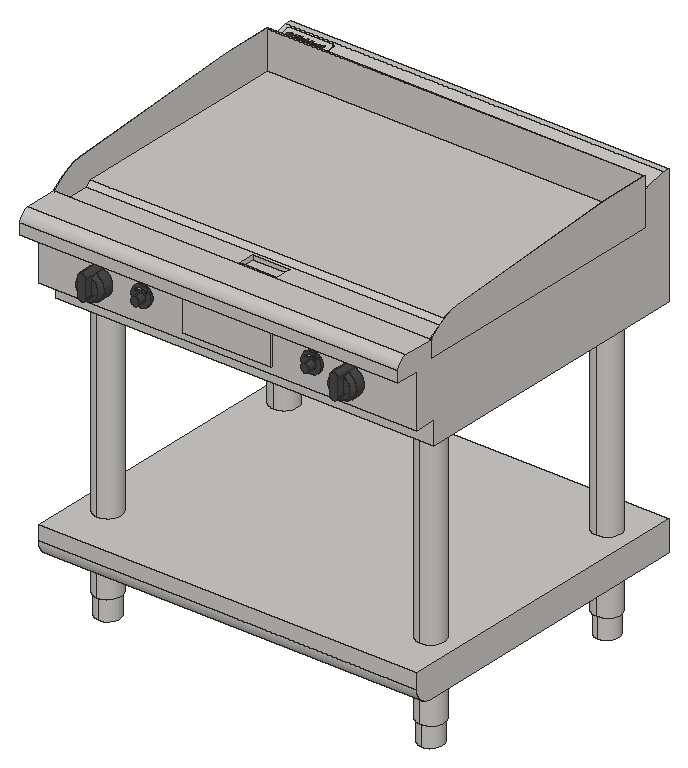
Revit family "QF_MOFFAT WALDORF_GPL8900G-LS", category Specialty Equipment, Revit 2012
Parameters
  Weight in Pounds = 346.1253  # constant formula
  Width [instance] = 900.00 mm  # constant formula
  URL Cutsheet = "www.moffat.com"
  URL = "www.moffat.com"
  Type Mark [instance] = ""
  Status [instance] = ""
  Specification by User [instance] = ""
  Specification by Manufacturer = ""
  Show Logo [instance] = yes
  Show Casters [instance] = no
  Serial Number = ""
  Seismic Rating = ""
  SMACNA No = ""
  Revision Code [instance] = ""
  Omniclass Number and Title = ""
  NAFEM Spec ID Number = ""
  Model = "GPL8900G-LS"
  Mechanical Remarks = ""
  Mechanical Connection Type = ""
  Masterspec = ""
  Manufacturer = "MOFFAT WALDORF"
  Legs [instance] = not(Show Casters)  # yes
  Item Number [instance] = ""
  Installed By [instance] = ""
  Identify Quantity as Lot [instance] = yes
  Height = 970.00 mm  # constant formula
  Gas Size = 3/4"
  Gas RI Height = 0.00 mm
  Gas KW = 22.2
  Gas Input = 75825.0 Btu/h
  Gas Connection Height = 0.00 mm
  Furnished By [instance] = ""
  Foodservice Equipment Identifier [instance] = yes
  Description = "GRIDDLE PLATE LOW SPLASHBACK GAS ON LEG STAND"
  Depth [instance] = 805.00 mm  # constant formula
  CSI MasterFormat = ""
  CSI Master Format = ""
  Back Splash [instance] = 215.00 mm  # constant formula
Reference planes
  plane 1 "BACK": y = 0
  plane 2: z = 0
  plane 3 "LEFT": x = 0
  plane 4 "RIGHT": x = 900
  plane 5 "FRONT": y = -805
  plane 6 "TOP": z = 970
  plane 7 "Center Y": x = 450
  plane 8 "Center X": y = -402.5
  plane 9 "Base Height": z = 150
  plane 10: z = 915
  plane 11: x = 65
  plane 12: x = 834
  plane 13: y = -625
  plane 14: y = -100
  plane 15: x = 770
  plane 16: z = 655
  plane 17: y = -32
Forms (mm)
  Extrusion 1, solid, material "QF_Finishes_Stainless Steel"
    sketch origin (0, 0, 0) x (0, 1, 0) y (0, 0, 1)
      loop
        line (0, 222.5) -> (-749, 222.5) -> (-749, 188)
        arc (-749, 188) -> (-737.87, 161.13) -> (-711, 150) r 38
        line (-711, 150) -> (0, 150) -> (0, 222.5)
      loop
        line (-805, 891) -> (-805, 866) -> (-749, 866) -> (-749, 740) -> (-699, 740) -> (-699, 685) -> (0, 685) -> (0, 970) -> (-15, 970) -> (-61.106, 957.646)
        arc (-61.106, 957.646) -> (-67.52, 953.36) -> (-70, 946.055) r 12
        line (-70, 946.055) -> (-70, 875) -> (-705, 875) -> (-705, 915) -> (-781, 915)
        arc (-781, 915) -> (-797.971, 907.971) -> (-805, 891) r 24
    from 0 to 900
  Extrusion 2, solid, material "QF_Finishes_Stainless Steel"
    sketch origin (0, -699, 222.5) x (0, -1, 0) y (1, 0, 0)
      loop
        circle (-599, 65) r 31.75
      loop
        circle (-599, 834) r 31.75
      loop
        circle (-74, 65) r 31.75
      loop
        circle (-74, 834) r 31.75
    from 0 to 462.5
  Revolve 3, solid, material "QF_Finishes_Stainless Steel", visible <- "Legs"
    sketch origin (834, -210, 0) x (0, 1, 0) y (0, 0, -1)
      loop
        line (78.25, -150) -> (110, -150) -> (110, 0) -> (82.5, 0) -> (82.5, -50) -> (78.25, -50) -> (78.25, -150)
      axis (110, -150) -> (110, 0)
    angle from 0 to 360
  Revolve 4, solid, material "QF_Finishes_Stainless Steel"
    sketch origin (834, -735, 0) x (0, 1, 0) y (0, 0, -1)
      loop
        line (78.25, -150) -> (110, -150) -> (110, 0) -> (82.5, 0) -> (82.5, -50) -> (78.25, -50) -> (78.25, -150)
      axis (110, -150) -> (110, 0)
    angle from 0 to 360
  Revolve 5, solid, material "QF_Finishes_Stainless Steel", visible <- "Legs"
    sketch origin (65, -210, 0) x (0, 1, 0) y (0, 0, -1)
      loop
        line (78.25, -150) -> (110, -150) -> (110, 0) -> (82.5, 0) -> (82.5, -50) -> (78.25, -50) -> (78.25, -150)
      axis (110, -150) -> (110, 0)
    angle from 0 to 360
  Revolve 6, solid, material "QF_Finishes_Stainless Steel"
    sketch origin (65, -735, 0) x (0, 1, 0) y (0, 0, -1)
      loop
        line (78.25, -150) -> (110, -150) -> (110, 0) -> (82.5, 0) -> (82.5, -50) -> (78.25, -50) -> (78.25, -150)
      axis (110, -150) -> (110, 0)
    angle from 0 to 360
  Revolve 7, solid, material "QF_Finishes_Black"
    sketch origin (150, 0, 602.373) x (0, 1, 0) y (0, 0, -1)
      loop
        line (-782, -229.5) -> (-759, -229.5) -> (-759, -202) -> (-749, -202) -> (-749, -197) -> (-793, -197) -> (-793, -223.651) -> (-782, -229.5)
      axis (-793, -197) -> (-749, -197)
    angle from 0 to 360
  Extrusion 8, solid, material "QF_Finishes_Black"
    sketch origin (288.27, 0, 602.531) x (-1, 0, 0) y (0, 0, -1)
      loop
        arc (148.269, -184.969) -> (138.269, -174.969) -> (128.269, -184.969) r 10
        line (128.269, -184.969) -> (128.269, -223.969)
        arc (128.269, -223.969) -> (138.269, -233.969) -> (148.269, -223.969) r 10
        line (148.269, -223.969) -> (148.269, -184.969)
    from 759 to 808
  Extrusion 9, solid, material "QF_Finishes_Stainless Steel"
    sketch origin (-295, -749, 866) x (0, 0, -1) y (1, 0, 0)
      loop
        line (24, 640) -> (111, 640) -> (111, 850) -> (24, 850) -> (24, 640)
    from 0 to 2.5
  Extrusion 10, solid, material "QF_Finishes_Stainless Steel"
    sketch origin (-295, -751.5, 866) x (0, 0, -1) y (1, 0, 0)
      loop
        line (31, 850) -> (24, 850) -> (24, 640) -> (31, 640) -> (31, 850)
    from 0 to 5
  Extrusion 11, solid, material "QF_Finishes_Black"
    sketch origin (0, -749, 866) x (0, 0, -1) y (1, 0, 0)
      loop
        circle (66.25, 247.5) r 24
      loop
        arc (56.35, 262.413) -> (48.314, 247.625) -> (56.132, 232.719) r 17.868
        arc (56.132, 232.719) -> (56.612, 232.434) -> (57.127, 232.649) r 0.621
        arc (57.127, 232.649) -> (58.564, 235.208) -> (58.908, 238.122) r 7.495
        arc (58.908, 238.122) -> (58.704, 239.05) -> (58.256, 239.888) r 3.472
        arc (58.256, 239.888) -> (55.964, 247.351) -> (58.094, 254.862) r 13.786
        arc (58.094, 254.862) -> (58.734, 256.132) -> (58.999, 257.528) r 5.101
        arc (58.999, 257.528) -> (58.628, 260.047) -> (57.334, 262.239) r 6.611
        arc (57.334, 262.239) -> (56.872, 262.497) -> (56.35, 262.413) r 0.806
    from 0 to 5
  Extrusion 12, solid, material "QF_Finishes_Black"
    sketch origin (0, -754, 866) x (0, 0, -1) y (1, 0, 0)
      loop
        circle (69.75, 247.5) r 10
    from 0 to 18.251
  Extrusion 13, solid, material "QF_Finishes_Stainless Steel"
    sketch origin (0, -699, 685) x (1, 0, 0) y (0, -1, 0)
      loop
        circle (770, -667) r 13.5
    from 0 to 30
  Revolve 14, solid, material "QF_Finishes_Black"
    sketch origin (750, 0, 602.373) x (0, 1, 0) y (0, 0, 1)
      loop
        line (-782, 229.5) -> (-793, 223.651) -> (-793, 197) -> (-749, 197) -> (-749, 202) -> (-759, 202) -> (-759, 229.5) -> (-782, 229.5)
      axis (-793, 197) -> (-749, 197)
    angle from 0 to 360
  Extrusion 15, solid, material "QF_Finishes_Black"
    sketch origin (611.73, 0, 602.531) x (1, 0, 0) y (0, 0, 1)
      loop
        line (148.269, 184.969) -> (148.269, 223.969)
        arc (148.269, 223.969) -> (138.269, 233.969) -> (128.269, 223.969) r 10
        line (128.269, 223.969) -> (128.269, 184.969)
        arc (128.269, 184.969) -> (138.269, 174.969) -> (148.269, 184.969) r 10
    from 759 to 808
  Extrusion 16, solid, material "QF_Finishes_Black"
    sketch origin (900, -749, 866) x (0, 0, -1) y (1, 0, 0)
      loop
        circle (66.25, -247.5) r 24
      loop
        arc (56.35, -262.413) -> (56.872, -262.497) -> (57.334, -262.239) r 0.806
        arc (57.334, -262.239) -> (58.628, -260.047) -> (58.999, -257.528) r 6.611
        arc (58.999, -257.528) -> (58.734, -256.132) -> (58.094, -254.862) r 5.101
        arc (58.094, -254.862) -> (55.964, -247.351) -> (58.256, -239.888) r 13.786
        arc (58.256, -239.888) -> (58.704, -239.05) -> (58.908, -238.122) r 3.472
        arc (58.908, -238.122) -> (58.564, -235.208) -> (57.127, -232.649) r 7.495
        arc (57.127, -232.649) -> (56.612, -232.434) -> (56.132, -232.719) r 0.621
        arc (56.132, -232.719) -> (48.314, -247.625) -> (56.35, -262.413) r 17.868
    from 0 to 5
  Extrusion 17, solid, material "QF_Finishes_Black"
    sketch origin (900, -754, 866) x (0, 0, -1) y (1, 0, 0)
      loop
        circle (69.75, -247.5) r 10
    from 0 to 18.251
Cuts and joins
  joined: Extrusion 9, Extrusion 10
Lines and regions (mm)
  Split face 1
    outline origin (12.5, -17.878, 969.229) x (0, -0.965926, -0.258819) y (1, 0, 0)
      loop
        line (2.411, 151.462) -> (37.194, 151.462) -> (37.194, 169.241) -> (2.411, 169.241) -> (2.411, 151.462)
  Split face 2
    outline origin (66.25, -17.878, 969.229) x (0, -0.965926, -0.258819) y (1, 0, 0)
      loop
        line (2.411, 151.462) -> (37.194, 151.462) -> (37.194, 169.241) -> (2.411, 169.241) -> (2.411, 151.462)
  Split face 3
    outline origin (120, -17.878, 969.229) x (0, -0.965926, -0.258819) y (1, 0, 0)
      loop
        line (2.411, 151.462) -> (37.194, 151.462) -> (37.194, 169.241) -> (2.411, 169.241) -> (2.411, 151.462)
  Split face 4
    outline origin (-121.25, -17.878, 969.229) x (0, -0.965926, -0.258819) y (1, 0, 0)
      loop
        line (2.411, 451.462) -> (37.194, 451.462) -> (37.194, 469.241) -> (2.411, 469.241) -> (2.411, 451.462)
  Split face 5
    outline origin (-67.5, -17.878, 969.229) x (0, -0.965926, -0.258819) y (1, 0, 0)
      loop
        line (2.411, 451.462) -> (37.194, 451.462) -> (37.194, 469.241) -> (2.411, 469.241) -> (2.411, 451.462)
  Split face 6
    outline origin (-13.75, -17.878, 969.229) x (0, -0.965926, -0.258819) y (1, 0, 0)
      loop
        line (2.411, 451.462) -> (37.194, 451.462) -> (37.194, 469.241) -> (2.411, 469.241) -> (2.411, 451.462)
  Split face 7
    outline origin (40, -17.878, 969.229) x (0, -0.965926, -0.258819) y (1, 0, 0)
      loop
        line (2.411, 451.462) -> (37.194, 451.462) -> (37.194, 469.241) -> (2.411, 469.241) -> (2.411, 451.462)
  Split face 8
    outline origin (95, -17.878, 969.229) x (0, -0.965926, -0.258819) y (1, 0, 0)
      loop
        line (2.411, 451.462) -> (37.194, 451.462) -> (37.194, 469.241) -> (2.411, 469.241) -> (2.411, 451.462)
  Split face 9
    outline origin (148.257, -17.878, 969.229) x (0, -0.965926, -0.258819) y (1, 0, 0)
      loop
        line (2.411, 451.462) -> (37.194, 451.462) -> (37.194, 469.241) -> (2.411, 469.241) -> (2.411, 451.462)
  Split face 10
    outline origin (203.257, -17.878, 969.229) x (0, -0.965926, -0.258819) y (1, 0, 0)
      loop
        line (2.411, 451.462) -> (37.194, 451.462) -> (37.194, 469.241) -> (2.411, 469.241) -> (2.411, 451.462)
  Split face 11
    outline origin (256.727, -17.878, 969.229) x (0, -0.965926, -0.258819) y (1, 0, 0)
      loop
        line (2.411, 451.462) -> (37.194, 451.462) -> (37.194, 469.241) -> (2.411, 469.241) -> (2.411, 451.462)
  symbolic lines
    curve 1: line (0, 0, 0) -> (0, -805, 0)
    curve 2: line (900, 0, 0) -> (0, 0, 0)
    curve 3: line (900, -805, 0) -> (900, 0, 0)
    curve 4: line (0, -70, 0) -> (900, -70, 0)
    curve 5: line (0, -805, 0) -> (900, -805, 0)
    curve 6: line (12.5, -20.958, 0) -> (121.5, -20.958, 0)
    curve 7: line (12.5, -51.234, 0) -> (12.5, -20.958, 0)
    curve 8: line (121.5, -20.958, 0) -> (121.5, -51.234, 0)
    curve 9: line (12.5, -51.234, 0) -> (121.5, -51.234, 0)
    curve 10: line (181.741, -20.207, 0) -> (181.741, -53.804, 0)
    curve 11: line (181.741, -53.804, 0) -> (163.962, -53.804, 0)
    curve 12: line (163.962, -53.804, 0) -> (163.962, -20.207, 0)
    curve 13: line (163.962, -20.207, 0) -> (181.741, -20.207, 0)
    curve 14: line (217.712, -53.804, 0) -> (217.712, -20.207, 0)
    curve 15: line (217.712, -20.207, 0) -> (235.491, -20.207, 0)
    curve 16: line (235.491, -20.207, 0) -> (235.491, -53.804, 0)
    curve 17: line (235.491, -53.804, 0) -> (217.712, -53.804, 0)
    curve 18: line (289.241, -53.804, 0) -> (271.462, -53.804, 0)
    curve 19: line (271.462, -53.804, 0) -> (271.462, -20.207, 0)
    curve 20: line (271.462, -20.207, 0) -> (289.241, -20.207, 0)
    curve 21: line (289.241, -20.207, 0) -> (289.241, -53.804, 0)
    curve 22: line (347.991, -53.804, 0) -> (330.212, -53.804, 0)
    curve 23: line (330.212, -53.804, 0) -> (330.212, -20.207, 0)
    curve 24: line (330.212, -20.207, 0) -> (347.991, -20.207, 0)
    curve 25: line (347.991, -20.207, 0) -> (347.991, -53.804, 0)
    curve 26: line (401.741, -53.804, 0) -> (383.962, -53.804, 0)
    curve 27: line (383.962, -53.804, 0) -> (383.962, -20.207, 0)
    curve 28: line (383.962, -20.207, 0) -> (401.741, -20.207, 0)
    curve 29: line (401.741, -20.207, 0) -> (401.741, -53.804, 0)
    curve 30: line (455.491, -20.207, 0) -> (437.712, -20.207, 0)
    curve 31: line (437.712, -20.207, 0) -> (437.712, -53.804, 0)
    curve 32: line (437.712, -53.804, 0) -> (455.491, -53.804, 0)
    curve 33: line (455.491, -53.804, 0) -> (455.491, -20.207, 0)
    curve 34: line (491.462, -20.207, 0) -> (509.241, -20.207, 0)
    curve 35: line (509.241, -20.207, 0) -> (509.241, -53.804, 0)
    curve 36: line (509.241, -53.804, 0) -> (491.462, -53.804, 0)
    curve 37: line (491.462, -53.804, 0) -> (491.462, -20.207, 0)
    curve 38: line (546.462, -20.207, 0) -> (564.241, -20.207, 0)
    curve 39: line (564.241, -20.207, 0) -> (564.241, -53.804, 0)
    curve 40: line (564.241, -53.804, 0) -> (546.462, -53.804, 0)
    curve 41: line (546.462, -53.804, 0) -> (546.462, -20.207, 0)
    curve 42: line (617.498, -20.207, 0) -> (599.719, -20.207, 0)
    curve 43: line (599.719, -20.207, 0) -> (599.719, -53.804, 0)
    curve 44: line (599.719, -53.804, 0) -> (617.498, -53.804, 0)
    curve 45: line (617.498, -53.804, 0) -> (617.498, -20.207, 0)
    curve 46: line (672.498, -20.207, 0) -> (654.719, -20.207, 0)
    curve 47: line (654.719, -20.207, 0) -> (654.719, -53.804, 0)
    curve 48: line (654.719, -53.804, 0) -> (672.498, -53.804, 0)
    curve 49: line (672.498, -53.804, 0) -> (672.498, -20.207, 0)
    curve 50: line (725.968, -20.207, 0) -> (725.968, -53.804, 0)
    curve 51: line (725.968, -53.804, 0) -> (708.189, -53.804, 0)
    curve 52: line (708.189, -53.804, 0) -> (708.189, -20.207, 0)
    curve 53: line (708.189, -20.207, 0) -> (725.968, -20.207, 0)
Dimensions and locks
  equal spacing: plane 3 "LEFT", plane 7 "Center Y", plane 4 "RIGHT"
  "Width": plane 3 "LEFT" to plane 4 "RIGHT"
  equal spacing: plane 5 "FRONT", plane 8 "Center X", plane 1 "BACK"
  "Depth": plane 5 "FRONT" to plane 1 "BACK"
  locked: plane 10 to level at 915
  locked: plane 9 "Base Height" to level at 150
  plane 6 "TOP" to plane 10 = 55.00 mm
  plane 13 to plane 14 = 525.00 mm
  plane 12 to plane 11 = 769.00 mm
  "Height": plane 6 "TOP" to level
  plane 15 to plane 4 "RIGHT" = 130.00 mm
  plane 16 to level = 655.00 mm
  plane 17 to plane 1 "BACK" = 32.00 mm
  aligned and locked: level to plane 2
Automatic sketch dimensions
  plane 1 "BACK" to curve 1 = 0.00 mm
  curve 1 to plane 3 "LEFT" = 0.00 mm
  curve 2 to plane 4 "RIGHT" = 0.00 mm
  plane 5 "FRONT" to curve 1 = 0.00 mm
  plane 3 "LEFT" to curve 9 = 12.50 mm
  curve 9 to plane 17 = 19.234 mm
  plane 11 to curve 9 = 56.50 mm
  plane 17 to curve 12 = 11.793 mm
  curve 6 to curve 12 = 42.462 mm
  curve 12 to curve 10 = 17.779 mm
  plane 17 to curve 15 = 11.793 mm
  curve 10 to curve 15 = 35.971 mm
  curve 14 to curve 17 = 17.779 mm
  curve 4 to curve 7 = 18.766 mm
  curve 17 to plane 17 = 21.804 mm
  curve 12 to plane 17 = 21.804 mm
  plane 17 to curve 8 = 11.042 mm
  Extrusion 1 sketch curve to plane 5 "FRONT" = 0.00 mm
  Extrusion 1 sketch curve to plane 10 = 0.00 mm
  Extrusion 1 sketch curve to plane 9 "Base Height" = 0.00 mm
  Extrusion 1 sketch curve to plane 6 "TOP" = 0.00 mm
  Extrusion 1 sketch curve to plane 1 "BACK" = 0.00 mm  (x2)
  Extrusion 1 sketch curve to plane 5 "FRONT" = 24.00 mm
  Extrusion 1 sketch curve to plane 5 "FRONT" = 56.00 mm  (x2)
  Extrusion 1 sketch curve to Extrusion 1 sketch curve = 38.00 mm
  Extrusion 1 sketch curve to Extrusion 1 sketch curve = 44.00 mm
  Extrusion 1 sketch curve to Extrusion 1 sketch curve = 50.00 mm
  plane 14 to Extrusion 1 sketch curve = 30.00 mm
  Extrusion 1 sketch curve to Extrusion 1 sketch curve = 8.894 mm
  Extrusion 1 sketch curve to Extrusion 1 sketch curve = 3.106 mm
  plane 1 "BACK" to Extrusion 1 sketch curve = 15.00 mm
  Extrusion 1 sketch curve to Extrusion 1 sketch curve = 72.50 mm
  plane 16 to Extrusion 1 sketch curve = 30.00 mm
  Extrusion 1 sketch curve to Extrusion 1 sketch curve = 55.00 mm
  Extrusion 1 sketch curve to Extrusion 1 sketch curve = 25.00 mm
  Extrusion 1 sketch curve to plane 10 = 40.00 mm
  Extrusion 1 sketch curve to plane 6 "TOP" = 23.945 mm
  Extrusion 2 sketch curve to Extrusion 2 sketch curve = 0.00 mm  (x8)
  Extrusion 1 to Extrusion 2 sketch curve = 68.25 mm  (x2)
  Extrusion 2 sketch curve to Extrusion 2 sketch curve = 31.75 mm  (x4)
  Extrusion 1 to Extrusion 2 sketch curve = 155.75 mm  (x2)
  Extrusion 1 to Extrusion 2 sketch curve = 65.00 mm  (x2)
  Extrusion 1 to Extrusion 2 sketch curve = 66.00 mm  (x2)
  Revolve 3 sketch curve to plane 9 "Base Height" = 0.00 mm
  Revolve 3 sketch curve to level = 0.00 mm
  Revolve 3 sketch curve to plane 14 = 0.00 mm  (x2)
  Revolve 3 sketch curve to plane 14 = 27.50 mm
  Revolve 3 sketch curve to plane 14 = 31.75 mm
  level to Revolve 3 sketch curve = 50.00 mm
  Revolve 3 sketch curve to Revolve 3 sketch curve = 0.00 mm
  Revolve 3 sketch curve to Revolve 3 sketch curve = 55.00 mm
  Revolve 4 sketch curve to plane 9 "Base Height" = 0.00 mm
  Revolve 4 sketch curve to level = 0.00 mm
  Revolve 4 sketch curve to plane 13 = 0.00 mm  (x2)
  Revolve 4 sketch curve to plane 13 = 27.50 mm
  Revolve 4 sketch curve to plane 13 = 31.75 mm
  level to Revolve 4 sketch curve = 50.00 mm
  Revolve 4 sketch curve to Revolve 4 sketch curve = 0.00 mm
  Revolve 4 sketch curve to Revolve 4 sketch curve = 55.00 mm
  Revolve 5 sketch curve to plane 9 "Base Height" = 0.00 mm
  Revolve 5 sketch curve to level = 0.00 mm
  Revolve 5 sketch curve to plane 14 = 0.00 mm  (x2)
  Revolve 5 sketch curve to plane 14 = 27.50 mm
  Revolve 5 sketch curve to plane 14 = 31.75 mm
  level to Revolve 5 sketch curve = 50.00 mm
  Revolve 5 sketch curve to Revolve 5 sketch curve = 0.00 mm
  Revolve 5 sketch curve to Revolve 5 sketch curve = 55.00 mm
  Revolve 6 sketch curve to plane 9 "Base Height" = 0.00 mm
  Revolve 6 sketch curve to level = 0.00 mm
  Revolve 6 sketch curve to plane 13 = 0.00 mm  (x2)
  Revolve 6 sketch curve to plane 13 = 27.50 mm
  Revolve 6 sketch curve to plane 13 = 31.75 mm
  level to Revolve 6 sketch curve = 50.00 mm
  Revolve 6 sketch curve to Revolve 6 sketch curve = 0.00 mm
  Revolve 6 sketch curve to Revolve 6 sketch curve = 55.00 mm
  Extrusion 1 to Split face 1 sketch curve = 5.391 mm
  Split face 1 sketch curve to Extrusion 1 = 7.559 mm
  Split face 1 sketch curve to Extrusion 1 = 163.962 mm
  Split face 1 sketch curve to Split face 1 sketch curve = 17.779 mm
  Extrusion 1 to Split face 2 sketch curve = 5.391 mm
  Split face 2 sketch curve to Extrusion 1 = 7.559 mm
  Split face 2 sketch curve to Extrusion 1 = 217.712 mm
  Split face 2 sketch curve to Split face 2 sketch curve = 17.779 mm
  Extrusion 1 to Split face 3 sketch curve = 5.391 mm
  Split face 3 sketch curve to Extrusion 1 = 7.559 mm
  Split face 3 sketch curve to Extrusion 1 = 271.462 mm
  Split face 3 sketch curve to Split face 3 sketch curve = 17.779 mm
  Extrusion 1 to Split face 4 sketch curve = 5.391 mm
  Split face 4 sketch curve to Extrusion 1 = 7.559 mm
  Split face 4 sketch curve to Extrusion 1 = 330.212 mm
  Split face 4 sketch curve to Split face 4 sketch curve = 17.779 mm
  Extrusion 1 to Split face 5 sketch curve = 5.391 mm
  Split face 5 sketch curve to Extrusion 1 = 7.559 mm
  Split face 5 sketch curve to Extrusion 1 = 383.962 mm
  Split face 5 sketch curve to Split face 5 sketch curve = 17.779 mm
  Extrusion 1 to Split face 6 sketch curve = 5.391 mm
  Split face 6 sketch curve to Extrusion 1 = 7.559 mm
  Split face 6 sketch curve to Extrusion 1 = 437.712 mm
  Split face 6 sketch curve to Split face 6 sketch curve = 17.779 mm
  Extrusion 1 to Split face 7 sketch curve = 5.391 mm
  Split face 7 sketch curve to Extrusion 1 = 7.559 mm
  Split face 7 sketch curve to Extrusion 1 = 408.538 mm
  Split face 7 sketch curve to Split face 7 sketch curve = 17.779 mm
  Revolve 7 sketch curve to plane 5 "FRONT" = 12.00 mm
  Revolve 7 sketch curve to Revolve 7 sketch curve = 0.00 mm  (x2)
  Revolve 7 sketch curve to Revolve 7 sketch curve = 11.00 mm
  Revolve 7 sketch curve to Revolve 7 sketch curve = 12.70 mm
  Revolve 7 sketch curve to Revolve 7 sketch curve = 23.00 mm
  Revolve 7 sketch curve to Revolve 7 sketch curve = 10.00 mm
  Revolve 7 sketch curve to plane 10 = 83.127 mm
  Revolve 7 sketch curve to Revolve 7 sketch curve = 5.849 mm
  Revolve 7 sketch curve to Revolve 7 sketch curve = 27.50 mm
  Revolve 7 sketch curve to Revolve 7 sketch curve = 5.00 mm
  plane 11 to Extrusion 8 sketch curve = 95.001 mm
  Extrusion 8 sketch curve to Extrusion 8 sketch curve = 10.00 mm
  Extrusion 8 sketch curve to plane 10 = 88.50 mm
  Extrusion 8 sketch curve to Extrusion 8 sketch curve = 39.00 mm
  Extrusion 1 to Extrusion 9 sketch curve = 24.00 mm
  Extrusion 9 sketch curve to Extrusion 1 = 15.00 mm
  Extrusion 1 to Extrusion 9 sketch curve = 345.00 mm
  Extrusion 9 sketch curve to Extrusion 9 sketch curve = 210.00 mm
  Extrusion 10 sketch curve to Extrusion 9 = 0.00 mm  (x2)
  Extrusion 9 to Extrusion 10 sketch curve = 0.00 mm
  Extrusion 10 sketch curve to Extrusion 9 = 7.00 mm
  Extrusion 1 to Extrusion 11 sketch curve = 51.437 mm
  Extrusion 11 sketch curve to Extrusion 11 sketch curve = 0.958 mm
  Extrusion 11 sketch curve to Extrusion 11 sketch curve = 1.509 mm
  Extrusion 11 sketch curve to Extrusion 11 sketch curve = 4.01 mm
  Extrusion 11 sketch curve to Extrusion 11 sketch curve = 0.685 mm
  Extrusion 11 sketch curve to Extrusion 11 sketch curve = 2.447 mm
  Extrusion 11 sketch curve to Extrusion 11 sketch curve = 0.524 mm
  Extrusion 11 sketch curve to Extrusion 11 sketch curve = 0.381 mm
  Extrusion 11 sketch curve to Extrusion 11 sketch curve = 0.472 mm
  Extrusion 11 sketch curve to Extrusion 11 sketch curve = 0.00 mm  (x5)
  Extrusion 11 sketch curve to Extrusion 11 sketch curve = 0.602 mm
  Extrusion 11 sketch curve to Extrusion 11 sketch curve = 4.19 mm
  Extrusion 11 sketch curve to Extrusion 11 sketch curve = 2.809 mm
  Extrusion 11 sketch curve to Extrusion 11 sketch curve = 0.652 mm
  Extrusion 11 sketch curve to Extrusion 11 sketch curve = 0.905 mm
  Extrusion 11 sketch curve to Extrusion 11 sketch curve = 8.087 mm
  Extrusion 11 sketch curve to Extrusion 11 sketch curve = 0.069 mm
  Extrusion 11 sketch curve to Extrusion 11 sketch curve = 3.50 mm
  Extrusion 1 to Extrusion 11 sketch curve = 232.649 mm
  Extrusion 11 sketch curve to Extrusion 11 sketch curve = 0.07 mm
  Extrusion 11 sketch curve to Extrusion 11 sketch curve = 7.606 mm
  Extrusion 11 sketch curve to Extrusion 11 sketch curve = 0.007 mm
  Extrusion 13 sketch curve to Extrusion 1 = 32.00 mm
  Extrusion 13 sketch curve to Extrusion 1 = 130.00 mm
  Revolve 14 sketch curve to plane 5 "FRONT" = 12.00 mm
  Revolve 14 sketch curve to Revolve 14 sketch curve = 0.00 mm  (x2)
  Revolve 14 sketch curve to Revolve 14 sketch curve = 11.00 mm
  Revolve 14 sketch curve to Revolve 14 sketch curve = 12.70 mm
  Revolve 14 sketch curve to Revolve 14 sketch curve = 23.00 mm
  Revolve 14 sketch curve to Revolve 14 sketch curve = 10.00 mm
  Revolve 14 sketch curve to plane 10 = 115.627 mm
  Revolve 14 sketch curve to Revolve 14 sketch curve = 5.00 mm
  Revolve 14 sketch curve to Revolve 14 sketch curve = 26.651 mm
  Revolve 14 sketch curve to Revolve 14 sketch curve = 5.849 mm
  Extrusion 15 sketch curve to plane 15 = 30.001 mm
  Extrusion 15 sketch curve to Extrusion 15 sketch curve = 10.00 mm
  Extrusion 15 sketch curve to plane 10 = 127.50 mm
  Extrusion 15 sketch curve to Extrusion 15 sketch curve = 39.00 mm
  Extrusion 1 to Extrusion 16 sketch curve = 51.437 mm
  Extrusion 16 sketch curve to Extrusion 16 sketch curve = 0.958 mm
  Extrusion 16 sketch curve to Extrusion 16 sketch curve = 1.509 mm
  Extrusion 16 sketch curve to Extrusion 16 sketch curve = 4.01 mm
  Extrusion 16 sketch curve to Extrusion 16 sketch curve = 0.685 mm
  Extrusion 16 sketch curve to Extrusion 16 sketch curve = 2.447 mm
  Extrusion 16 sketch curve to Extrusion 16 sketch curve = 0.524 mm
  Extrusion 16 sketch curve to Extrusion 16 sketch curve = 0.381 mm
  Extrusion 16 sketch curve to Extrusion 16 sketch curve = 0.472 mm
  Extrusion 16 sketch curve to Extrusion 16 sketch curve = 0.00 mm  (x5)
  Extrusion 16 sketch curve to Extrusion 16 sketch curve = 0.602 mm
  Extrusion 16 sketch curve to Extrusion 16 sketch curve = 4.19 mm
  Extrusion 16 sketch curve to Extrusion 16 sketch curve = 2.809 mm
  Extrusion 16 sketch curve to Extrusion 16 sketch curve = 0.652 mm
  Extrusion 16 sketch curve to Extrusion 16 sketch curve = 0.905 mm
  Extrusion 16 sketch curve to Extrusion 16 sketch curve = 8.087 mm
  Extrusion 16 sketch curve to Extrusion 16 sketch curve = 0.069 mm
  Extrusion 16 sketch curve to Extrusion 16 sketch curve = 3.50 mm
  Extrusion 1 to Extrusion 16 sketch curve = 262.413 mm
  Extrusion 16 sketch curve to Extrusion 16 sketch curve = 0.175 mm
  Extrusion 16 sketch curve to Extrusion 16 sketch curve = 7.362 mm
  Extrusion 16 sketch curve to Extrusion 16 sketch curve = 0.007 mm
  Extrusion 1 to Split face 8 sketch curve = 5.391 mm
  Split face 8 sketch curve to Extrusion 1 = 7.559 mm
  Split face 8 sketch curve to Extrusion 1 = 353.538 mm
  Split face 8 sketch curve to Split face 8 sketch curve = 17.779 mm
  Extrusion 1 to Split face 9 sketch curve = 5.391 mm
  Split face 9 sketch curve to Extrusion 1 = 7.559 mm
  Split face 9 sketch curve to Extrusion 1 = 300.281 mm
  Split face 9 sketch curve to Split face 9 sketch curve = 17.779 mm
  Extrusion 1 to Split face 10 sketch curve = 5.391 mm
  Split face 10 sketch curve to Extrusion 1 = 7.559 mm
  Split face 10 sketch curve to Extrusion 1 = 245.281 mm
  Split face 10 sketch curve to Split face 10 sketch curve = 17.779 mm
  Extrusion 1 to Split face 11 sketch curve = 5.391 mm
  Split face 11 sketch curve to Extrusion 1 = 7.559 mm
  Split face 11 sketch curve to Extrusion 1 = 191.811 mm
  Split face 11 sketch curve to Split face 11 sketch curve = 17.779 mm
  plane 17 to curve 19 = 11.793 mm
  curve 15 to curve 19 = 35.971 mm
  curve 18 to curve 18 = 17.779 mm
  curve 18 to plane 17 = 21.804 mm
  plane 17 to curve 24 = 11.793 mm
  curve 20 to curve 24 = 40.971 mm
  curve 22 to curve 22 = 17.779 mm
  curve 22 to plane 17 = 21.804 mm
  plane 17 to curve 28 = 11.793 mm
  curve 24 to curve 28 = 35.971 mm
  curve 26 to curve 26 = 17.779 mm
  curve 26 to plane 17 = 21.804 mm
  curve 32 to plane 7 "Center Y" = 12.288 mm
  plane 7 "Center Y" to curve 30 = 5.491 mm
  curve 32 to plane 17 = 21.804 mm
  plane 17 to curve 33 = 11.793 mm
  curve 32 to curve 36 = 35.971 mm
  curve 36 to curve 36 = 17.779 mm
  curve 36 to plane 17 = 21.804 mm
  plane 17 to curve 37 = 11.793 mm
  curve 35 to curve 40 = 37.221 mm
  curve 40 to curve 40 = 17.779 mm
  curve 40 to plane 17 = 21.804 mm
  plane 17 to curve 41 = 11.793 mm
  plane 17 to curve 42 = 11.793 mm
  curve 38 to curve 42 = 35.478 mm
  curve 42 to curve 42 = 17.779 mm
  curve 44 to plane 17 = 21.804 mm
  plane 17 to curve 46 = 11.793 mm
  curve 42 to curve 46 = 37.221 mm
  curve 46 to curve 46 = 17.779 mm
  curve 48 to plane 17 = 21.804 mm
  curve 48 to curve 51 = 35.691 mm
  curve 51 to curve 50 = 17.779 mm
  curve 51 to plane 17 = 21.804 mm
  plane 17 to curve 52 = 11.793 mm
  radius of Extrusion 11 sketch curve = 24.00 mm
  radius of Extrusion 12 sketch curve to Extrusion 11 = 3.786 mm
  radius of Extrusion 13 sketch curve = 13.50 mm
  radius of Extrusion 16 sketch curve = 24.00 mm
  radius of Extrusion 17 sketch curve to Extrusion 16 = 3.786 mm
Nested families
  nested 1: "GPL8900G-LS-CASTERS" at (65, -127.5, 0), Show Casters <- "Show Casters", visible <- "Show Casters", type "GPL8900G-LS-CASTERS"
    with Type Mark "", Status "", Specification by User "", Show Casters no, Revision Code "", Item Number "", Installed By "", Identify Quantity as Lot yes, Furnished By "", Foodservice Equipment Identifier yes
  nested 2: "GPL8900G-LS-CASTERS" at (835, -127.5, 0), Show Casters <- "Show Casters", visible <- "Show Casters", type "GPL8900G-LS-CASTERS"
    with Type Mark "", Status "", Specification by User "", Show Casters no, Revision Code "", Item Number "", Installed By "", Identify Quantity as Lot yes, Furnished By "", Foodservice Equipment Identifier yes
  nested 3: "GAS GRIDDLE PLATE" at (0, -70, 874.5), type "GAS GRIDDLE PLATE"
    with Type Mark "", Status "", Specification by User "", Show Clearance yes, Revision Code "", Item Number "", Installed By "", Identify Quantity as Lot yes, Furnished By "", Foodservice Equipment Identifier yes
  nested 4: "WALDORF LOGO_FACE BASE" at (12.5, -22.018, 968.12) x (1, 0, 0) z (0, -0.2588, 0.9659), visible <- "Show Logo", type "WALDORF LOGO_FACE BASE", detail levels medium+fine
    with Show Logo yes
Connectors
  piping at (770, -32, 655)
    settings: on Extrusion 13, index 1, connector radius 0.37402", flow factor 0, pipe flow 0 GPM, pressure drop 0.00 psi, fitting loss kfactor 0, connector angle 0.00°, fixture units 0, engagement length 0.00 mm, flow configuration 1, flow direction 1, fitting loss method 0, system type 7, joint type 0, gender type 0, connector reference index -1, connector utility 0, adjustable connector no, is connector primary yes, fitting loss table "", connector description "GAS CONNECTION"
Definition of nested family "GAS GRIDDLE PLATE"
  Parameters (values of type "GAS GRIDDLE PLATE")
    Weight in Pounds = 0
    URL Cutsheet = ""
    Type Mark [instance] = ""
    Status [instance] = ""
    Specification by User [instance] = ""
    Specification by Manufacturer = ""
    Show Clearance [instance] = yes
    Serial Number = ""
    Seismic Rating = ""
    SMACNA No = ""
    Revision Code [instance] = ""
    Omniclass Number and Title = ""
    NAFEM Spec ID Number = ""
    Masterspec = ""
    Item Number [instance] = ""
    Installed By [instance] = ""
    Identify Quantity as Lot [instance] = yes
    Furnished By [instance] = ""
    Foodservice Equipment Identifier [instance] = yes
    CSI MasterFormat = ""
    CSI Master Format = ""
  Reference planes
    plane 1 "BACK": y = 0
    plane 2: z = 0
    plane 3 "LEFT": x = 0
    plane 4 "RIGHT": x = 900
    plane 5 "FRONT": y = -634.4
    plane 6 "TOP": z = 142.5
    plane 7 "Center Y": x = 450
    plane 8 "Center X": y = -317.2
  Forms (mm)
    Extrusion 1, solid, material "QF_Finishes_Stainless Steel"
      sketch origin (0, 70.003, -874.5) x (0, 1, 0) y (0, 0, 1)
        loop
          line (-70, 875) -> (-70, 984.5) -> (-191.003, 984.5) -> (-626.368, 954.056)
          arc (-626.368, 954.056) -> (-652.773, 948.564) -> (-676.75, 936.215) r 100
          line (-676.75, 936.215) -> (-704.403, 916.852) -> (-704.403, 875) -> (-70, 875)
      from 0 to 1.8
    Extrusion 2, solid, material "QF_Finishes_Stainless Steel"
      sketch origin (150, 70.003, -874.5) x (0, 1, 0) y (0, 0, 1)
        loop
          line (-70, 895) -> (-601, 895) -> (-611.5, 884.5) -> (-704.403, 884.5) -> (-704.403, 875) -> (-70, 875) -> (-70, 895)
      from -148.2 to 748.2
    Extrusion 3, void
      sketch origin (-218.85, -541.497, 10) x (0, -1, 0) y (1, 0, 0)
        loop
          line (10, 713.7) -> (10, 625.2) -> (48.5, 625.2) -> (48.5, 713.7) -> (10, 713.7)
      from -41.4 to 40.142
    Extrusion 4, solid, material "QF_Finishes_Stainless Steel"
      sketch origin (150, 0.003, 211.574) x (0, 0, -1) y (1, 0, 0)
        loop
          line (101.574, -148.2) -> (191.074, -148.2) -> (191.074, 748.2) -> (101.574, 748.2) -> (101.574, -148.2)
      from 0 to 1.683
    Extrusion 5, solid, material "QF_Finishes_Stainless Steel"
      sketch origin (900, 70.003, -874.5) x (0, 1, 0) y (0, 0, -1)
        loop
          line (-70, -875) -> (-704.403, -875) -> (-704.403, -916.852) -> (-676.75, -936.215)
          arc (-676.75, -936.215) -> (-652.773, -948.564) -> (-626.368, -954.056) r 100
          line (-626.368, -954.056) -> (-191.003, -984.5) -> (-70, -984.5) -> (-70, -875)
      from 0 to 1.8
  Cuts and joins
    Extrusion 3 cuts Extrusion 2
  Lines and regions (mm)
    symbolic lines
      curve 1: line (898.2, -530.997, 0) -> (1.8, -530.997, 0)
      curve 2: line (1.8, -541.497, 0) -> (898.2, -541.497, 0)
      curve 3: line (406.35, -551.497, 0) -> (406.35, -589.997, 0)
      curve 4: line (406.35, -589.997, 0) -> (494.85, -589.997, 0)
      curve 5: line (494.85, -589.997, 0) -> (494.85, -551.497, 0)
      curve 6: line (494.85, -551.497, 0) -> (406.35, -551.497, 0)
      curve 7: line (1.8, -1.68, 0) -> (898.2, -1.68, 0)
      curve 8: line (898.2, -1.68, 0) -> (898.2, -634.4, 0)
      curve 9: line (1.8, -634.4, 0) -> (1.8, 0, 0)
      curve 10: line (1.8, -634.4, 0) -> (898.2, -634.4, 0)
  Dimensions and locks
    equal spacing: plane 3 "LEFT", plane 7 "Center Y", plane 4 "RIGHT"
    plane 3 "LEFT" to plane 4 "RIGHT" = 900.00 mm
    equal spacing: plane 5 "FRONT", plane 8 "Center X", plane 1 "BACK"
    plane 5 "FRONT" to plane 1 "BACK" = 634.40 mm
    aligned and locked: level to plane 2
  Automatic sketch dimensions
    plane 5 "FRONT" to curve 10 = 0.00 mm
    plane 3 "LEFT" to curve 10 = 1.80 mm
    curve 4 to plane 5 "FRONT" = 44.403 mm
    plane 4 "RIGHT" to curve 4 = 493.65 mm
    plane 4 "RIGHT" to curve 5 = 405.15 mm
    curve 3 to curve 3 = 38.50 mm
    curve 2 to plane 5 "FRONT" = 92.903 mm
    curve 2 to curve 1 = 10.50 mm
    plane 1 "BACK" to curve 9 = 0.00 mm
    Extrusion 1 sketch curve to plane 5 "FRONT" = 0.00 mm
    Extrusion 1 sketch curve to plane 5 "FRONT" = 27.653 mm
    Extrusion 1 sketch curve to Extrusion 1 sketch curve = 50.382 mm
    Extrusion 1 sketch curve to level = 20.20 mm
    Extrusion 1 sketch curve to plane 5 "FRONT" = 85.011 mm
    Extrusion 1 sketch curve to plane 6 "TOP" = 32.50 mm
    plane 1 "BACK" to Extrusion 1 sketch curve = 121.00 mm
    Extrusion 1 sketch curve to plane 1 "BACK" = 0.003 mm
    level to Extrusion 1 sketch curve = 0.50 mm
    Extrusion 1 sketch curve to Extrusion 1 sketch curve = 41.852 mm
    Extrusion 1 sketch curve to Extrusion 1 sketch curve = 19.363 mm
    Extrusion 2 sketch curve to plane 5 "FRONT" = 0.00 mm
    level to Extrusion 2 sketch curve = 10.00 mm
    Extrusion 2 sketch curve to Extrusion 2 sketch curve = 92.903 mm
    Extrusion 2 sketch curve to Extrusion 2 sketch curve = 10.50 mm  (x2)
    Extrusion 2 sketch curve to plane 1 "BACK" = 0.003 mm
    level to Extrusion 2 sketch curve = 0.50 mm
    Extrusion 2 to Extrusion 3 sketch curve = 10.00 mm
    Extrusion 3 sketch curve to Extrusion 3 sketch curve = 38.50 mm
    Extrusion 2 to Extrusion 3 sketch curve = 491.85 mm
    Extrusion 2 to Extrusion 3 sketch curve = 403.35 mm
    Extrusion 4 sketch curve to plane 6 "TOP" = 32.50 mm
    level to Extrusion 4 sketch curve = 20.50 mm
    plane 3 "LEFT" to Extrusion 4 sketch curve = 1.80 mm
    plane 7 "Center Y" to Extrusion 4 sketch curve = 448.20 mm
    Extrusion 5 sketch curve to plane 5 "FRONT" = 0.00 mm
    Extrusion 5 sketch curve to plane 5 "FRONT" = 27.653 mm
    Extrusion 5 sketch curve to Extrusion 5 sketch curve = 50.382 mm
    Extrusion 5 sketch curve to level = 20.20 mm
    Extrusion 5 sketch curve to plane 5 "FRONT" = 85.011 mm
    Extrusion 5 sketch curve to plane 6 "TOP" = 32.50 mm
    plane 1 "BACK" to Extrusion 5 sketch curve = 121.00 mm
    Extrusion 5 sketch curve to plane 1 "BACK" = 0.003 mm
    Extrusion 5 sketch curve to plane 6 "TOP" = 62.944 mm
    Extrusion 5 sketch curve to Extrusion 5 sketch curve = 19.363 mm
    level to Extrusion 5 sketch curve = 0.50 mm
    curve 7 to curve 9 = 0.00 mm
    plane 1 "BACK" to curve 8 = 1.68 mm
    plane 4 "RIGHT" to curve 7 = 1.80 mm
Definition of nested family "WALDORF LOGO_FACE BASE"
  Parameters (values of type "WALDORF LOGO_FACE BASE")
    Show Logo [instance] = yes
    Default Elevation = 1219.20 mm
  Reference planes
    plane 1 "Center (Front/Back)": y = 0
    plane 2: z = 0
    plane 3 "Center (Left/Right)": x = 0
  Forms (mm)
    Extrusion 1, solid
      sketch origin (0, 0, 0) x (1, 0, 0) y (0, 1, 0)
        loop
          line (-1219.2, 1219.2) -> (-1219.2, -1219.2) -> (1219.2, -1219.2) -> (1219.2, 1219.2) -> (-1219.2, 1219.2)
      from 0 to -304.8
    Extrusion 2, solid, material "QF_Finishes_Stainless Steel", visible <- "Show Logo"
      sketch origin (0, -33.217, 0) x (1, 0, 0) y (0, 1, 0)
        loop
          arc (5, 34.14) -> (1.464, 32.676) -> (0, 29.14) r 5
          line (0, 29.14) -> (0, 5)
          arc (0, 5) -> (1.464, 1.464) -> (5, 0) r 5
          line (5, 0) -> (104, 0)
          arc (104, 0) -> (107.536, 1.464) -> (109, 5) r 5
          line (109, 5) -> (109, 29.14)
          arc (109, 29.14) -> (107.536, 32.676) -> (104, 34.14) r 5
          line (104, 34.14) -> (5, 34.14)
      from 0 to 1.588
    Extrusion 3, solid, material "QF_Finishes_Black", visible <- "Show Logo"
      sketch origin (0, -33.217, 1.588) x (1, 0, 0) y (0, 1, 0)
        loop
          line (24.772, 23.214) -> (27.992, 10.301) -> (31.551, 10.301) -> (33.443, 17.364) -> (35.205, 10.301) -> (39.332, 10.301) -> (42.077, 23.214) -> (38.352, 23.214) -> (36.676, 15.33) -> (35, 23.214) -> (31.752, 23.214) -> (30.076, 15.33) -> (28.4, 23.214) -> (24.772, 23.214)
        loop
          line (42.272, 17.055) -> (45.703, 17.055)
          spline (45.703, 17.055) -> (45.741, 17.285) -> (45.852, 17.499) -> (46.028, 17.682) -> (46.258, 17.823) -> (46.526, 17.912) -> (46.813, 17.942) -> (47.1, 17.912) -> (47.368, 17.823) -> (47.597, 17.682) -> (47.774, 17.499) -> (47.884, 17.285) -> (47.922, 17.055)
          line (47.922, 17.055) -> (47.922, 16.222)
          arc (47.922, 16.222) -> (45.742, 16.014) -> (43.665, 15.317) r 9.604
          arc (43.665, 15.317) -> (41.924, 12.809) -> (43.665, 10.301) r 2.677
          arc (43.665, 10.301) -> (45.527, 10.353) -> (47.332, 10.816) r 8.365
          line (47.332, 10.816) -> (48.092, 11.105) -> (48.092, 10.301) -> (51.817, 10.301) -> (51.817, 17.055)
          spline (51.817, 17.055) -> (51.654, 17.821) -> (51.178, 18.535) -> (50.419, 19.148) -> (49.431, 19.619) -> (48.28, 19.914) -> (47.044, 20.015) -> (45.809, 19.914) -> (44.658, 19.619) -> (43.67, 19.148) -> (42.911, 18.535) -> (42.434, 17.821) -> (42.272, 17.055)
        loop
          line (53.151, 23.214) -> (53.151, 10.301) -> (57.37, 10.301) -> (57.37, 23.214) -> (53.151, 23.214)
        loop
          line (64.874, 23.214) -> (64.874, 18.857)
          arc (64.874, 18.857) -> (58.083, 15.11) -> (64.874, 11.363) r 4.429
          line (64.874, 11.363) -> (64.874, 10.301) -> (68.378, 10.301) -> (68.378, 23.214) -> (64.874, 23.214)
        loop
          arc (64.874, 16.083) -> (61.41, 14.987) -> (64.874, 13.891) r 1.905
          line (64.874, 13.891) -> (64.874, 16.083)
        loop
          circle (74.623, 15.223) r 5
        loop
          spline (74.623, 17.856) -> (74.355, 17.766) -> (74.105, 17.503) -> (73.891, 17.084) -> (73.726, 16.539) -> (73.623, 15.904) -> (73.588, 15.223) -> (73.623, 14.541) -> (73.726, 13.906) -> (73.891, 13.361) -> (74.105, 12.942) -> (74.355, 12.679) -> (74.623, 12.59)
          spline (74.623, 12.59) -> (74.891, 12.679) -> (75.141, 12.942) -> (75.355, 13.361) -> (75.52, 13.906) -> (75.623, 14.541) -> (75.659, 15.223) -> (75.623, 15.904) -> (75.52, 16.539) -> (75.355, 17.084) -> (75.141, 17.503) -> (74.891, 17.766) -> (74.623, 17.856)
        loop
          line (81.255, 19.813) -> (81.255, 10.301) -> (84.834, 10.301) -> (84.834, 14.176)
          arc (84.834, 14.176) -> (85.854, 16.093) -> (88.013, 16.32) r 2.313
          line (88.013, 16.32) -> (88.013, 19.813) -> (87.161, 19.813)
          arc (87.161, 19.813) -> (85.526, 19.266) -> (84.549, 17.844) r 2.717
          line (84.549, 17.844) -> (84.549, 19.813) -> (81.255, 19.813)
        loop
          line (90.249, 19.813) -> (88.91, 19.813) -> (88.91, 17.614) -> (90.249, 17.614) -> (90.249, 10.301) -> (93.998, 10.301) -> (93.998, 17.614) -> (95.418, 17.614) -> (95.418, 19.813) -> (93.998, 19.813)
          arc (93.998, 19.813) -> (94.414, 20.817) -> (95.418, 21.233) r 1.42
          line (95.418, 21.233) -> (95.418, 23.602) -> (93.317, 23.602)
          arc (93.317, 23.602) -> (91.343, 22.903) -> (90.249, 21.118) r 3.137
          line (90.249, 21.118) -> (90.249, 19.813)
        loop
          arc (15.241, 23.571) -> (8.392, 16.525) -> (15.241, 9.479) r 7.049
          line (15.241, 9.479) -> (15.241, 23.571)
        loop
          line (15.641, 23.571) -> (15.641, 9.479)
          arc (15.641, 9.479) -> (22.49, 16.525) -> (15.641, 23.571) r 7.049
        loop
          arc (47.922, 14.711) -> (46.266, 13.749) -> (47.922, 12.787) r 1.107
          line (47.922, 12.787) -> (47.922, 14.711)
      from 0 to 0.2
  Dimensions and locks
    aligned and locked: plane 2 to Extrusion 1
    aligned and locked: level to Extrusion 1
Definition of nested family "GPL8900G-LS-CASTERS"
  Parameters (values of type "BT8600-LS-CASTERS")
    Weight = ""
    URL Manufacturer = ""
    URL Cutsheet = ""
    URL = ""
    Type Mark [instance] = ""
    Status [instance] = ""
    Specification by User [instance] = ""
    Specification by Manufacturer = ""
    Show Casters [instance] = no
    Serial Number = ""
    Seismic Rating = ""
    SMACNA No = ""
    Revision Code [instance] = ""
    Omniclass Number and Title = ""
    NAFEM Spec ID Number = ""
    Model = ""
    MasterSpec. = ""
    Manufacturer = ""
    Item Number [instance] = ""
    Installed By [instance] = ""
    Identify Quantity as Lot [instance] = yes
    Furnished By [instance] = ""
    Foodservice Equipment Identifier [instance] = yes
    Description = ""
    CSI MasterFormat = ""
    CSI Master Format = ""
    Assembly Code = ""
  Reference planes
    plane 1: z = 0
    plane 2 "RIGHT": x = 0
    plane 3 "FRONT": y = 0
    plane 4 "Base Height": z = 150
  Forms (mm)
    Revolve 1, solid, material "QF_Finishes_Stainless Steel", visible <- "Show Casters"
      sketch origin (0, 56.335, 0) x (0, 1, 0) y (0, 0, 1)
        loop
          line (-56.335, 152.4) -> (-56.335, 141.118) -> (-23.798, 141.118) -> (-23.798, 152.4) -> (-56.335, 152.4)
        axis (-56.335, 141.118) -> (-56.335, 152.4)
      angle from 0 to 360
    Extrusion 2, solid, material "QF_Finishes_Stainless Steel", visible <- "Show Casters"
      sketch origin (-46.049, 56.335, 0) x (0, 1, 0) y (0, 0, 1)
        loop
          line (-85.799, 141.118) -> (-85.799, 133.498) -> (-82.136, 133.498)
          arc (-82.136, 133.498) -> (-79.344, 132.328) -> (-77.146, 130.248) r 8.432
          line (-77.146, 130.248) -> (-39.502, 49.52)
          arc (-39.502, 49.52) -> (-13.784, 46.107) -> (-5.673, 70.75) r 20.32
          arc (-5.673, 70.75) -> (-7.065, 73.611) -> (-8.887, 76.22) r 20.32
          arc (-8.887, 76.22) -> (-9.399, 85.377) -> (-6.626, 94.119) r 25.4
          line (-6.626, 94.119) -> (8.003, 121.632)
          arc (8.003, 121.632) -> (-2.347, 126.31) -> (-13.34, 129.167) r 66.802
          line (-13.34, 129.167) -> (-13.765, 133.498) -> (-26.871, 133.498) -> (-26.871, 141.118) -> (-85.799, 141.118)
      from 20.058 to 22.923
    Extrusion 3, solid, material "QF_Finishes_Stainless Steel", visible <- "Show Casters"
      sketch origin (3.326, 56.335, 0) x (0, 1, 0) y (0, 0, 1)
        loop
          line (-85.799, 141.118) -> (-85.799, 133.498) -> (-82.136, 133.498)
          arc (-82.136, 133.498) -> (-79.344, 132.328) -> (-77.146, 130.248) r 8.432
          line (-77.146, 130.248) -> (-39.502, 49.52)
          arc (-39.502, 49.52) -> (-13.784, 46.107) -> (-5.673, 70.75) r 20.32
          arc (-5.673, 70.75) -> (-7.065, 73.611) -> (-8.887, 76.22) r 20.32
          arc (-8.887, 76.22) -> (-9.399, 85.377) -> (-6.626, 94.119) r 25.4
          line (-6.626, 94.119) -> (8.003, 121.632)
          arc (8.003, 121.632) -> (-2.347, 126.31) -> (-13.34, 129.167) r 66.802
          line (-13.34, 129.167) -> (-13.765, 133.498) -> (-26.871, 133.498) -> (-26.871, 141.118) -> (-85.799, 141.118)
      from 20.058 to 22.923
    Extrusion 4, solid, material "QF_Finishes_Stainless Steel", visible <- "Show Casters"
      sketch origin (-49.224, 56.335, 0) x (0, 1, 0) y (0, 0, 1)
        loop
          line (-85.799, 141.118) -> (-85.799, 133.498) -> (-82.136, 133.498) -> (-18.877, 127.964) -> (7.14, 120.01) -> (8.003, 121.632)
          arc (8.003, 121.632) -> (-2.347, 126.31) -> (-13.34, 129.167) r 66.802
          line (-13.34, 129.167) -> (-13.765, 133.498) -> (-26.871, 133.498) -> (-26.871, 141.118) -> (-85.799, 141.118)
      from 26.098 to 72.56
    Revolve 5, solid, material "QF_Finishes_Stainless Steel", visible <- "Show Casters"
      sketch origin (-49.224, 30.821, 0) x (1, 0, 0) y (0, 0, 1)
        loop
          line (14.841, 63.604) -> (83.584, 63.604) -> (83.584, 67.109) -> (82.314, 68.379) -> (80.79, 68.379) -> (80.79, 71.826) -> (68.644, 71.826) -> (68.644, 81.79) -> (65.088, 83.843) -> (61.683, 104.879) -> (65.881, 104.879) -> (65.881, 111.229) -> (65.088, 111.229) -> (65.088, 117.579)
          arc (65.088, 117.579) -> (62.298, 124.314) -> (55.563, 127.104) r 9.525
          line (55.563, 127.104) -> (42.863, 127.104)
          arc (42.863, 127.104) -> (36.127, 124.314) -> (33.338, 117.579) r 9.525
          line (33.338, 117.579) -> (33.338, 111.229) -> (32.544, 111.229) -> (32.544, 104.879) -> (36.742, 104.879) -> (33.352, 83.932) -> (29.782, 81.871) -> (29.782, 71.826) -> (17.635, 71.826) -> (17.635, 68.379) -> (16.111, 68.379) -> (14.841, 67.109) -> (14.841, 63.604)
        axis (14.841, 63.604) -> (83.584, 63.604)
      angle from 0 to 360
  Cuts and joins
    joined: Extrusion 2, Extrusion 3, Extrusion 4
  Lines and regions (mm)
    symbolic lines, style "SpecialityEquipmentHiddenLines", visible <- "Show Casters"
      curve 1: line (18.009, 67.053, 0) -> (45.595, 51.127, 0)
      curve 2: line (-45.491, -42.932, 0) -> (18.009, 67.053, 0)
      curve 3: line (-17.905, -58.859, 0) -> (-45.491, -42.932, 0)
      curve 4: line (45.595, 51.127, 0) -> (-17.905, -58.859, 0)
  Dimensions and locks
    plane 4 "Base Height" to level = 150.00 mm  (x2)
    Revolve 5 sketch curve to Revolve 5 sketch curve = 63.50 mm
    aligned and locked: level to plane 1
